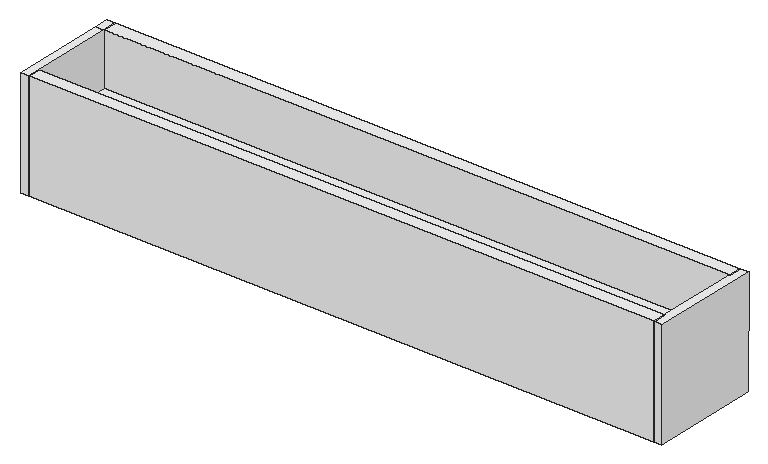
Revit family "75L-SR-D", category Lighting Fixtures, host Face, Revit 2021
Family settings
  Host = Face
  Round Connector Dimension = Use Diameter
  Part Type = Normal
  OmniClass Number = 23.80.70.14.21
  OmniClass Title = Street and Roadway Lighting
  Cut with Voids When Loaded = No
  Light Source = Yes
  Shared = Yes
  Room Calculation Point = No
Parameters (values of type "75L-SR-D-02")
  zz Length 1 = 24.000"
  Width = 4.125"  # constant formula
  Watts = 25 W
  Wattage Comments = ""
  Wattage = 106.5 W
  built-in parameter 1150110 = 1 (stored number, unit not read)
  Voltage = 120 V
  URL = "https://www.currentlighting.com/litecontrol"
  Type Comments = "Lighting Fixtures"  # constant formula
  built-in parameter 1114217 = 1 (stored number, unit not read)
  Tilt Angle = -90.00°  # constant formula
  built-in parameter 1150109 = 1 (stored number, unit not read)
  built-in parameter 1150134 = (empty or 0)
  built-in parameter 1150113 = 1 (stored number, unit not read)
  Product Page URL = ""
  Product Material = White
  Product Documentation Link = ""
  Power Factor = 1
  Photometric Web Link = ""
  Photometric Web File = "75L-X-D-4-CX-35K-D030-ECC.ies"
  Photometric Note = "More Photometric Web Files dowload in the Web link"  # constant formula
  Model = "Nelo 75L"  # constant formula
  Manufacturer = "LITECONTROL"  # constant formula
  built-in parameter 1150105 = -5126353.4 (stored number, unit not read)
  Lumens = 12247.5 lm
  built-in parameter 1150115 = 1 (stored number, unit not read)
  Load Classification = Lighting
  built-in parameter 1150137 = (empty or 0)
  built-in parameter 1150139 = (empty or 0)
  built-in parameter 1150112 = 1 (stored number, unit not read)
  built-in parameter 1150114 = 1 (stored number, unit not read)
  Lamp = "LED"  # constant formula
  built-in parameter 1150132 = (empty or 0)
  built-in parameter 1150102 = (empty or 0)
  built-in parameter 1150107 = 3107 (stored number, unit not read)
  built-in parameter 1150138 = (empty or 0)
  built-in parameter 1150106 = -51263.5 (stored number, unit not read)
  Glass = Glass - White
  Features = " Variable Intensity technology provides a range of specifiable outputs and \r\nresulting fixture wattages\r\n•  1200 lumens max. See performance data table on page 4 for additional \r\ninformation\r\n•  80 & 90 CRI (30, 35, 40K); Warm Dim (30-22K), Tunable White (27-65K & 27-50K)"  # constant formula
  Emit from Line Length = zz Length 1 - 1.000"  # 23.000"
  built-in parameter 1150104 = 10.684 (stored number, unit not read)
  Dimming Lamp Color Temperature Shift = <None>
  Description = "Open Aperture Recessed Direct"  # constant formula
  Default Elevation = 48.000"
  Cord Length = 10.000"
  Contact Us = ""
  Color Filter = 16777215
  built-in parameter 1114218 = 1 (stored number, unit not read)
  built-in parameter 1150133 = 10 (stored number, unit not read)
  Assembly Code = "D5020200"
  Apparent Load = Watts / Power Factor  # 25 VA
Types (7): name | zz Length 1 | Emit from Line Length
  (no name) | 24.000" | 23.000"
  75L-SR-D-02 | 24.000" | 23.000"
  75L-SR-D-03 | 36.000" | 35.000"
  75L-SR-D-04 | 48.000" | 47.000"
  75L-SR-D-05 | 60.000" | 59.000"
  75L-SR-D-06 | 72.000" | 71.000"
  75L-SR-D-08 | 96.000" | 95.000"
Reference planes (in)
  plane 1 "Center (Front/Back)": y = 0
  plane 2: z = 0
  plane 3 "Center (Left/Right)": x = 0
  plane 4: x = 12
  plane 5: x = -12
  plane 6: y = -2.0625
  plane 7: y = 2.0625
  plane 8: z = 10
  plane 9: z = 11.25
  plane 10: z = 15.25
  plane 11: x = 12.313
  plane 12: x = -12.313
  plane 13: x = -11
  plane 14: x = 11
  plane 15: z = 2.125
  plane 16: z = 2.125
Forms (in)
  Extrusion 1, solid, material "White" <- "Product Material"
    sketch origin (0, 0, -13.25) x (0, 1, 0) y (0, 0, 1)
      loop
        line (2.0625, 15.375) -> (1.5625, 15.375) -> (1.5625, 13.375) -> (-1.5625, 13.375) -> (-1.5625, 15.375) -> (-2.0625, 15.375) -> (-2.0625, 11.25) -> (2.0625, 11.25) -> (2.0625, 15.375)
    from -12 to 12
  Extrusion 2, solid, material "White" <- "Product Material"
    sketch origin (0, 0, -13.25) x (0, 1, 0) y (0, 0, 1)
      loop
        line (-2.0625, 15.375) -> (-2.0625, 11.25) -> (2.0625, 11.25) -> (2.0625, 15.375) -> (-2.0625, 15.375)
    from 12 to 12.313
  Extrusion 3, solid, material "White" <- "Product Material"
    sketch origin (0, 0, -13.25) x (0, 1, 0) y (0, 0, -1)
      loop
        line (-2.0625, -15.375) -> (1.5625, -15.375) -> (2.0625, -15.375) -> (2.0625, -11.25) -> (-2.0625, -11.25) -> (-2.0625, -15.375)
    from 12 to 12.313
Dimensions and locks (in)
  "zz Length 1": plane 4 to plane 5
  equal spacing: plane 4, plane 3 "Center (Left/Right)", plane 5
  "Cord Length": plane 8 to plane 2
  plane 9 to plane 8 = 1.250"
  plane 10 to plane 9 = 4.000"
  locked: plane 4 to plane 14 at 1
  locked: plane 11 to plane 4 at 0.313
  locked: plane 13 to plane 5 at 1
  locked: plane 5 to plane 12 at 0.313
  "Width": plane 7 to plane 6
  equal spacing: plane 7, plane 1 "Center (Front/Back)", plane 6
  aligned and locked: plane 2 to host face
  aligned and locked: level to host face
  aligned and locked: Extrusion 1 to plane 5
  aligned and locked: plane 4 to Extrusion 1
  aligned and locked: plane 11 to Extrusion 2
  aligned and locked: Extrusion 2 to plane 4
  aligned and locked: Extrusion 3 to plane 12
  aligned and locked: plane 5 to Extrusion 3
Automatic sketch dimensions
  host sketch curve to host sketch curve = 96.000"  (x2)
  Extrusion 2 sketch curve to plane 6 = 0.000"
  Extrusion 2 sketch curve to plane 7 = 0.000"
  Extrusion 2 sketch curve to plane 9 = 13.250"
  Extrusion 1 sketch curve to plane 6 = 0.000"
  Extrusion 1 sketch curve to plane 10 = 13.125"  (x2)
  Extrusion 1 sketch curve to plane 7 = 0.000"
  Extrusion 1 sketch curve to plane 9 = 13.250"
  Extrusion 1 sketch curve to plane 6 = 0.500"
  Extrusion 1 sketch curve to plane 9 = 11.125"
  Extrusion 1 sketch curve to Extrusion 1 sketch curve = 0.500"
  Extrusion 2 sketch curve to plane 10 = 13.125"
  Extrusion 3 sketch curve to plane 6 = 0.000"
  Extrusion 3 sketch curve to plane 10 = 13.125"
  Extrusion 3 sketch curve to plane 7 = 0.000"
  Extrusion 3 sketch curve to plane 9 = 13.250"
  Extrusion 3 sketch curve to Extrusion 3 sketch curve = 0.500"
Connectors (in)
  electrical at (0, 0, -2), driven by "Apparent Load", driven by "Voltage"
    settings: on Extrusion 1, index 1, voltage 120 V, apparent load 25 VA, apparent load phase1 0 VA, apparent load phase2 0 VA, apparent load phase3 0 VA, power factor 1, load classification "Other", number of poles 1, system type 30, power factor state 1, is connector primary yes, connector utility no, sub classification motor no, connector description "Lighting Connector"
